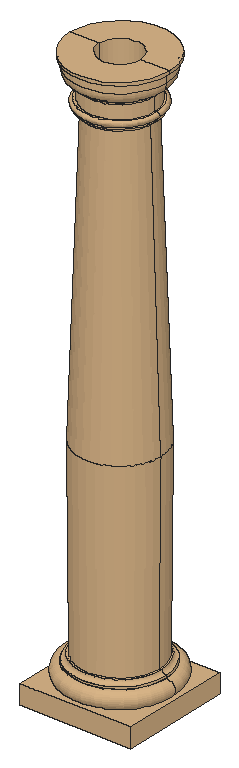
Revit family "GEN_A3-Tuscan-Column-229", category Columns, Revit 2015
Parameters (values of type "Tuscan Column")
  Assembly Code = "C3010300"
  Base Finish = Wood - Birch
  Base Width = (Diameter * 2) + 0' 4"  # 1' - 4"
  Diameter = 0' - 6"
  Finish = Wood - Birch
  Height [instance] = 7' - 0"
  Width = Diameter * 2  # 1' - 0"
  db = Diameter - 0' 0 1/4"  # 0' - 5 3/4"
  dt = Diameter - 0' 1 1/2"  # 0' - 4 1/2"
Types (6): name | Base Width | Diameter | Height | Width | db | dt
  (no name) | 1' - 4" | 0' - 6" | 7' - 0" | 1' - 0" | 0' - 5 3/4" | 0' - 4 1/2"
  12" | 1' - 4" | 0' - 6" | 7' - 0" | 1' - 0" | 0' - 5 3/4" | 0' - 4 1/2"
  16" | 1' - 8" | 0' - 8" | 8' - 0" | 1' - 4" | 0' - 7 3/4" | 0' - 6 1/2"
  10" | 1' - 2" | 0' - 5" | 7' - 0" | 0' - 10" | 0' - 4 3/4" | 0' - 3 1/2"
  8" | 1' - 0" | 0' - 4" | 7' - 0" | 0' - 8" | 0' - 3 3/4" | 0' - 2 1/2"
  Tuscan Column | 1' - 4" | 0' - 6" | 7' - 0" | 1' - 0" | 0' - 5 3/4" | 0' - 4 1/2"
Reference planes (in)
  plane 1 "Center (Front/Back)": y = 0
  plane 2: z = 0
  plane 3 "Center (Left/Right)": x = -3.9375
  plane 4: x = -11.9375
  plane 5: x = 4.0625
  plane 6: y = 8
  plane 7: y = -8
  plane 8: z = 84
  plane 9: z = 2.75
  plane 10: z = 80.31499
  plane 11 "tob": z = 6.02541
  plane 12: x = -9.9375
  plane 13: x = 2.0625
  plane 14: y = -6
  plane 15: y = 6
  plane 16: z = 76.48499
  plane 17 "t": z = 33.6
  plane 18: z = 16.8
  plane 19: z = 50.4
  plane 20: z = 67.2
Forms (in)
  Extrusion 1, solid, material "Wood - Birch" <- "Base Finish"
    sketch origin (0, 0, 0) x (1, 0, 0) y (0, 1, 0)
      loop
        line (-11.9375, 8) -> (-11.9375, -8) -> (4.0625, -8) -> (4.0625, 8) -> (-11.9375, 8)
    from 0 to 2.75
  Revolve 2, solid, material "Wood - Birch" <- "Finish"
    sketch origin (0, 0, 0) x (1, 0, 0) y (0, 0, 1)
      loop
        line (-10.75785, 2.75) -> (-8.4375, 2.75) -> (-8.4375, 6.02541) -> (-10.03155, 6.02541)
        arc (-10.03155, 6.02541) -> (-10.21065, 5.59302) -> (-10.64305, 5.41391) r 0.6115
        line (-10.64305, 5.41391) -> (-10.64305, 5.125) -> (-10.75785, 5.125)
        arc (-10.75785, 5.125) -> (-11.94535, 3.9375) -> (-10.75785, 2.75) r 1.1875
      axis (-3.9375, 6.02541) -> (-3.9375, 2.75)
    angle from 0 to 360
  Revolve 3, solid, material "Wood - Birch" <- "Finish"
    sketch origin (0, 0, 0) x (1, 0, 0) y (0, 0, 1)
      loop
        line (-6.9375, 84) -> (-11.125, 84) -> (-11.125, 83.562) -> (-10.75, 83.562) -> (-10.75, 82.375) -> (-10.625, 82.375)
        arc (-10.625, 82.375) -> (-10.36035, 81.2063) -> (-9.3125, 80.625) r 1.4667
        line (-9.3125, 80.625) -> (-9.3125, 80.31499)
        arc (-9.3125, 80.31499) -> (-9.04733, 80.20516) -> (-8.9375, 79.93999) r 0.375
        line (-8.9375, 79.93999) -> (-8.9375, 77.99868) -> (-9.3008, 77.99868)
        arc (-9.3008, 77.99868) -> (-9.67315, 77.65649) -> (-9.36354, 77.25663) r 0.37368
        line (-9.36354, 77.25663) -> (-9.36354, 76.95513)
        arc (-9.36354, 76.95513) -> (-9.03111, 76.81743) -> (-8.89341, 76.48499) r 0.47014
        line (-8.89341, 76.48499) -> (-6.9375, 76.48499) -> (-6.9375, 84)
      axis (-3.9375, 84) -> (-3.9375, 76.48499)
    angle from 0 to 360
  Blend 4, solid, material "Wood - Birch" <- "Finish"
    base sketch origin (0, 0, 0) x (1, 0, 0) y (0, 1, 0)
      loop
        circle (-3.9375, 0) r 5.75
    top sketch origin (0, 0, 0) x (1, 0, 0) y (0, 1, 0)
      loop
        circle (-3.9375, 0) r 6
    from 6.02541 to 33.6
  Blend 5, solid, material "Wood - Birch" <- "Finish"
    base sketch origin (0, 0, 0) x (1, 0, 0) y (0, 1, 0)
      loop
        circle (-3.9375, 0) r 6
    top sketch origin (0, 0, 0) x (1, 0, 0) y (0, 1, 0)
      loop
        circle (-3.9375, 0) r 4.5
    from 33.6 to 76.48499
Cuts and joins
  joined: Blend 4, Blend 5
Dimensions and locks (in)
  equal spacing: plane 4, plane 3 "Center (Left/Right)", plane 5
  equal spacing: plane 7, plane 1 "Center (Front/Back)", plane 6
  "Base Width": plane 7 to plane 6
  "Base Width": plane 4 to plane 5
  locked: plane 9 to plane 2 at 2.75
  "Height": plane 8 to plane 2
  locked: plane 8 to plane 10 at 3.68501
  "Width": plane 14 to plane 15
  "Width": plane 12 to plane 13
  equal spacing: plane 12, plane 3 "Center (Left/Right)", plane 13
  equal spacing: plane 14, plane 1 "Center (Front/Back)", plane 15
  locked: plane 8 to plane 16 at 7.51501
  locked: plane 11 "tob" to plane 2 at 6.02541
  equal spacing: plane 8, plane 20, plane 19, plane 17 "t", plane 18, plane 2
  locked: Revolve 3 sketch curve to plane 12 at 3
  Revolve 3 sketch curve to Revolve 3 sketch curve to plane 12 to Revolve 3 sketch curve to Revolve 3 sketch curve = 0' - 0 3/8" locked, 0' - 0 13/16" locked, 0' - 0 5/8" locked, 0' - 0 3/8" locked
  locked: plane 12 to Revolve 2 sketch curve at 1.5
  plane 12 to Revolve 2 sketch curve to Revolve 2 sketch curve to Revolve 2 sketch curve = 0' - 0.09405" locked, 0' - 0.6115" locked, 0' - 0.1148" locked
  "Diameter": radius of Blend 5 sketch curve
  "dt": radius of Blend 5 sketch curve
  "db": radius of Blend 4 sketch curve
  "Diameter": radius of Blend 4 sketch curve
  aligned and locked: plane 5 to Extrusion 1 sketch curve
  aligned and locked: plane 6 to Extrusion 1 sketch curve
  aligned and locked: Extrusion 1 sketch curve to plane 4
  aligned and locked: Extrusion 1 sketch curve to plane 7
  aligned and locked: Extrusion 1 to plane 9
  aligned and locked: Revolve 3 sketch curve to plane 8
  aligned and locked: Revolve 3 sketch curve to plane 16
  aligned and locked: plane 17 "t" to Blend 4
  aligned and locked: Blend 4 to plane 11 "tob"
  aligned and locked: Blend 5 to plane 17 "t"
  aligned and locked: plane 16 to Blend 5
Automatic sketch dimensions
  Blend 4 sketch curve to plane 1 "Center (Front/Back)" = 0' - 0"  (x2)
  Blend 4 sketch curve to plane 3 "Center (Left/Right)" = 0' - 0"  (x2)
  Blend 5 sketch curve to plane 1 "Center (Front/Back)" = 0' - 0"  (x2)
  Blend 5 sketch curve to plane 3 "Center (Left/Right)" = 0' - 0"  (x2)
  Revolve 3 sketch curve to plane 10 = 0' - 0"
  Revolve 3 sketch curve to plane 3 "Center (Left/Right)" = 0' - 0"
  plane 12 to Revolve 3 sketch curve = 0' - 1.04409"
  plane 12 to Revolve 3 sketch curve = 0' - 0.75052"
  Revolve 3 sketch curve to Revolve 3 sketch curve = 0' - 0.36331"
  plane 12 to Revolve 3 sketch curve = 0' - 0.57396"
  Revolve 3 sketch curve to Revolve 3 sketch curve = 0' - 0 1/8"
  Revolve 3 sketch curve to Revolve 3 sketch curve = 0' - 0.3015"
  Revolve 3 sketch curve to Revolve 3 sketch curve = 0' - 0.36837"
  plane 16 to Revolve 3 sketch curve = 0' - 1.89001"
  plane 10 to Revolve 3 sketch curve = 0' - 0.31001"
  Revolve 3 sketch curve to Revolve 3 sketch curve = 0' - 1.46132"
  plane 8 to Revolve 3 sketch curve = 0' - 1 5/8"
  plane 8 to Revolve 3 sketch curve = 0' - 0.438"
  Revolve 2 sketch curve to plane 9 = 0' - 0"
  Revolve 2 sketch curve to plane 11 "tob" = 0' - 0"
  Revolve 2 sketch curve to plane 3 "Center (Left/Right)" = 0' - 0"
  Revolve 2 sketch curve to plane 9 = 0' - 1.02541"
  Revolve 2 sketch curve to Revolve 2 sketch curve = 0' - 1 3/16"
  plane 11 "tob" to Revolve 2 sketch curve = 0' - 1 3/4"
